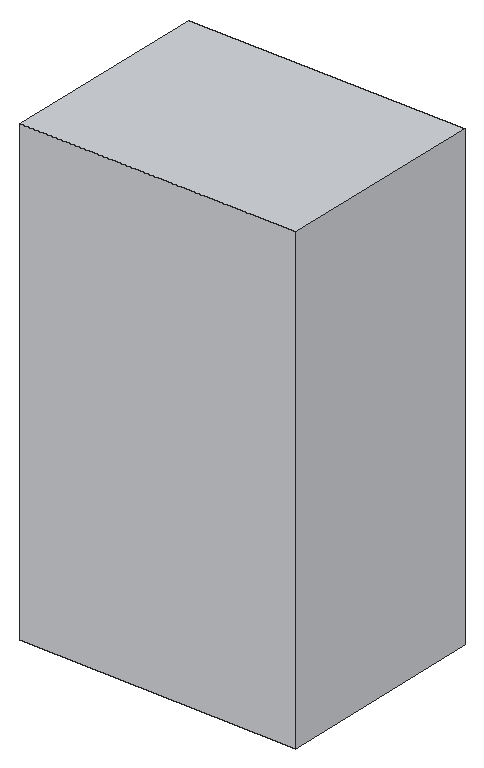
Revit family
Parameters
  Warranty Duration (Years) = 0
  URL = "http://www.americanspecialties.com/viewCategories.cfm"
  Trim Material = Metal - Stainless Steel
  Test Data = ""
  Specification = "http://www.arcat.com/sdspecs/htm/10810asi.htm"
  SpecWizard = ""
  Send Message = "http://www.arcat.com/users.pl?action=UserEmail&company=American%20Specialties,%20Inc.&coid=30448&rep=139&fax=914-476-0688&mf="
  Sales Information = "http://www.americanspecialties.com/contact"
  Revision = "R1_10-2010"
  Product Properties = "http://www.americanspecialties.com/datasheets/0705-Z.pdf"
  Product Data = "http://www.arcat.com/arcatcos/cos30/arc30448.html"
  Model = "As Specified in 10 28 13"
  Manufacturer Website = "http://www.americanspecialties.com/viewCategories.cfm"
  Manufacturer Phone - Toll Free = ""
  Manufacturer Phone = "914-476-9000 "
  Manufacturer Fax = "914-476-0688"
  Manufacturer Address = "441 Saw Mill River Rd., Yonkers, NY 10701"
  Manufacturer = "American Specialties, Inc."
  Maintenance Schedule (Months) = 0
  Keynote = "10 28 13"
  Installation-Fabrication = "http://www.americanspecialties.com/products.cfm"
  Green Building-LEED = ""
  Expected Lifespan (Years) = 0
  Body Material = Metal - Stainless Steel
  Drawn By = "Robert S. Weygant. CSI, CDT, SCIP"  # constant formula
  Description = "Toilet Accessory as Specified in 10 28 13"
  Default Elevation = 4' - 0"
  Copyright = "©Arcat Inc."
  Construction Details = "http://www.arcat.com/green/clients/leed_data_30448.html"
  Building Codes = "http://www.americanspecialties.com/products.cfm"
  Assembly Code = "C1030210"
Reference planes (in)
  plane 1 "Center (Front/Back)": y = -0.29112
  plane 2 "Floor Line": z = 0
  plane 3 "Center (Left/Right)": x = -0.65843
  plane 4: z = 0.4375
  plane 5: z = 1.1875
  plane 6: y = 0.42763
  plane 7: y = -1.00987
  plane 8: z = 2.75
  plane 9: x = -3.59593
  plane 10: x = 2.27907
  plane 11: z = 1.98574
Forms (in)
  Extrusion 1, solid
    sketch origin (-3, -9, -6) x (0, 0, -1) y (1, 0, 0)
      loop
        line (-82, 26) -> (-82, -19.34712) -> (-6, -19.34712) -> (-6, 26) -> (-82, 26)
    from 9 to -25.60721
  Extrusion 2, solid, material "Metal - Stainless Steel" <- "Body Material"
    sketch origin (3.9448, 1.98146, 0) x (1, 0, 0) y (0, 1, 0)
      loop
        line (-8.57198, -1.55383) -> (-8.57198, -2.99133) -> (-6.50948, -2.99133) -> (-6.50948, -1.55383) -> (-8.57198, -1.55383)
    from 0 to 0.4375
  Extrusion 3, solid, material "Metal - Stainless Steel" <- "Body Material"
    sketch origin (-0.0625, 0, 0) x (1, 0, 0) y (0, 1, 0)
      loop
        line (-3.65843, 0.20888) -> (-3.65843, -0.79112) -> (-3.40843, -0.79112) -> (-3.40843, 0.20888) -> (-3.65843, 0.20888)
    from 1.1875 to 1.98574
  Revolve 4, solid, material "Metal - Stainless Steel" <- "Body Material"
    sketch origin (-1.31687, -0.29112, -0.5) x (-1, 0, 0) y (0, 0, -1)
      loop
        line (2.1057, -3.25) -> (-3.42257, -3.25) -> (-3.42257, -3.75) -> (-0.65843, -3.75) -> (-0.65843, -3.6875) -> (2.1057, -3.6875) -> (2.1057, -3.25)
      axis (-3.42257, -3.25) -> (2.1057, -3.25)
    angle from 0 to 360
  Extrusion 5, solid, material "Metal - Stainless Steel" <- "Body Material"
    sketch origin (-0.0625, -0.29112, 0) x (1, 0, 0) y (0, 0, 1)
      loop
        line (-2.50218, 0.4375) -> (-3.40843, 1.1875) -> (-3.65843, 1.1875) -> (-4.56468, 0.4375) -> (-2.50218, 0.4375)
    from -0.71875 to 0.71875
  Extrusion 6, solid, material "Metal - Stainless Steel" <- "Body Material"
    sketch origin (-5.26166, 1.98146, 0) x (-1, 0, 0) y (0, -1, 0)
      loop
        line (-8.57198, 1.55383) -> (-6.50948, 1.55383) -> (-6.50948, 2.99133) -> (-8.57198, 2.99133) -> (-8.57198, 1.55383)
    from 0 to 0.4375
  Extrusion 7, solid, material "Metal - Stainless Steel" <- "Body Material"
    sketch origin (-1.25437, 0, 0) x (-1, 0, 0) y (0, -1, 0)
      loop
        line (-3.65843, -0.20888) -> (-3.40843, -0.20888) -> (-3.40843, 0.79112) -> (-3.65843, 0.79112) -> (-3.65843, -0.20888)
    from 1.1875 to 1.98574
  Extrusion 8, solid, material "Metal - Stainless Steel" <- "Body Material"
    sketch origin (-1.25437, -0.29112, 0) x (-1, 0, 0) y (0, 0, -1)
      loop
        line (-2.50218, -0.4375) -> (-4.56468, -0.4375) -> (-3.65843, -1.1875) -> (-3.40843, -1.1875) -> (-2.50218, -0.4375)
    from -0.71875 to 0.71875
  Extrusion 9, void
    sketch origin (-0.65843, -0.58223, 0) x (0, -1, 0) y (0, 0, -1)
      loop
        arc (0.42763, -0.4375) -> (0.25702, -0.79464) -> (0.20888, -1.1875) r 1.22784
        line (0.20888, -1.1875) -> (0.42763, -1.1875) -> (0.42763, -0.4375)
    from -3.96875 to 3.96875
  Extrusion 10, solid, material "Metal - Stainless Steel" <- "Body Material"
    sketch origin (0, -0.29112, 0) x (1, 0, 0) y (0, 0, 1)
      loop
        line (-3.72093, 1.98574) -> (-3.47093, 1.98574) -> (-3.47093, 2.33562) -> (-3.42257, 2.33562) -> (-3.42257, 3.34841) -> (-3.72093, 3.34841) -> (-3.72093, 1.98574)
    from -0.5 to 0.5
  Extrusion 11, solid, material "Metal - Stainless Steel" <- "Body Material"
    sketch origin (-1.31687, -0.29112, 0) x (-1, 0, 0) y (0, 0, -1)
      loop
        line (-3.72093, -1.98574) -> (-3.72093, -3.34841) -> (-3.42257, -3.34841) -> (-3.42257, -2.33562) -> (-3.47093, -2.33562) -> (-3.47093, -1.98574) -> (-3.72093, -1.98574)
    from -0.5 to 0.5
  Extrusion 12, void
    sketch origin (-0.65843, 0, 0) x (0, 1, 0) y (0, 0, 1)
      loop
        line (0.42763, 0.4375) -> (0.42763, 1.1875) -> (0.20888, 1.1875)
        arc (0.20888, 1.1875) -> (0.25702, 0.79464) -> (0.42763, 0.4375) r 1.22784
    from -3.96875 to 3.96875
Cuts and joins
  Extrusion 9, Extrusion 12 cuts Extrusion 6
  Extrusion 9, Extrusion 12 cuts Extrusion 7
  Extrusion 9, Extrusion 12 cuts Extrusion 8
  Extrusion 12 cuts Extrusion 11
  joined: Extrusion 6, Extrusion 7, Extrusion 8, Extrusion 11
  Extrusion 12 cuts Extrusion 2
  Extrusion 12 cuts Extrusion 3
  Extrusion 9, Extrusion 12 cuts Extrusion 5
  Extrusion 12 cuts Extrusion 10
  joined: Extrusion 2, Extrusion 3, Extrusion 5, Extrusion 10
Dimensions and locks (in)
  aligned and locked: plane 4 to Extrusion 2
  aligned and locked: Extrusion 3 to plane 5
  aligned and locked: Extrusion 5 to Extrusion 2  (x2)
  aligned and locked: Extrusion 2 to plane 6
  aligned and locked: plane 7 to Extrusion 2
  aligned and locked: Extrusion 8 to Extrusion 6  (x2)
  aligned and locked: Extrusion 2 to Extrusion 9
  aligned and locked: Extrusion 9 to Extrusion 6
  aligned and locked: cut or joined group of Extrusion 6, Extrusion 7, Extrusion 8, Extrusion 9, Extrusion 11, Extrusion 12 to plane 11
  aligned and locked: Extrusion 3 to plane 11
  aligned and locked: Extrusion 10 sketch curve to Extrusion 3
  aligned and locked: Extrusion 10 to Extrusion 3  (x2)
  aligned and locked: cut or joined group of Extrusion 2, Extrusion 3, Extrusion 5, Extrusion 9, Extrusion 10, Extrusion 12 to Revolve 4 sketch curve
